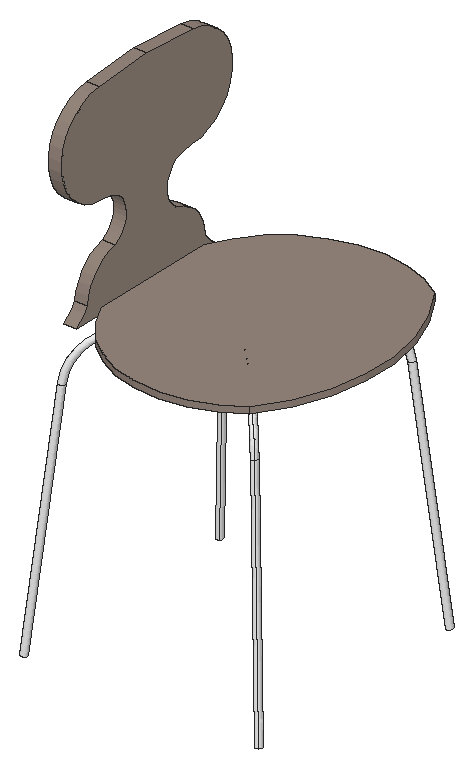
Revit family "Chair 3", category Furniture, Revit 2025
Family settings
  Work Plane-Based = No
  Enable Cutting in Views = No
  Always vertical = Yes
  Cut with Voids When Loaded = No
  Render Appearance Source = Family Geometry
  Shared = No
  Room Calculation Point = No
Parameters (values of type "Type 3A")
  Type Comments = "L"
  Keynote = "F"
  Manufacturer = ""
  Default Elevation = 0 mm
  Bracket Material = Herman Miller - Finish 47 Trivalent Chrome
  Model = ""
  Cushion/Chair Back Material = Herman Miller - Veneer Z5 Maple
  BG_DIM_Width1 [instance] = 1800 mm
  BG_DIM_Height1 [instance] = 1200 mm
  BG_DIM_Depth1 [instance] = 600 mm
  Assembly Code = "Ase3"
Types (3, lengths in mm): name | Type Comments | Keynote | BG_DIM_Width1 | BG_DIM_Height1 | BG_DIM_Depth1 | Assembly Code
  (no name) | "K" | "E" | 1800 | 1200 | 600 | "Ase2"
  Type 3A | "L" | "F" | 1800 | 1200 | 600 | "Ase3"
  Type 3B | "K" | "E" | 1700 | 1100 | 500 | "Ase2"
Reference planes
  plane 1 "Center F/B": y = -198.997
  plane 2: z = 0
  plane 3 "Center L/R": x = -1.022
Forms (mm)
  Sweep 1, solid, material "Herman Miller - Finish 47 Trivalent Chrome" <- "Bracket Material"
    path origin (61.052, -65.204, 45) x (0, 0, -1) y (0.707107, -0.707107, 0)
      loop
        line (45, -82.843) -> (-332.364, -36.508)
        arc (-332.364, -36.508) -> (-382.531, -10.114) -> (-402.615, 42.895) r 80
        line (-402.615, 42.895) -> (-402.615, 181.322)
    profile origin (18.855, -23.007, 188.682) x (-0.701836, 0.701836, 0.121869) y (-0.707107, -0.707107, 0)
      loop
        circle (0, 0) r 5
  Sweep 2, solid, material "Herman Miller - Finish 47 Trivalent Chrome" <- "Bracket Material"
    path origin (57.516, -325.168, 45) x (0, 0, -1) y (0.707107, 0.707107, 0)
      loop
        line (45, -82.843) -> (-332.364, -36.508)
        arc (-332.364, -36.508) -> (-382.531, -10.114) -> (-402.615, 42.895) r 80
        line (-402.615, 42.895) -> (-402.615, 181.322)
    profile origin (15.319, -367.364, 188.682) x (-0.701836, -0.701836, 0.121869) y (0.707107, -0.707107, 0)
      loop
        circle (0, 0) r 5
  Sweep 3, solid, material "Herman Miller - Finish 47 Trivalent Chrome" <- "Bracket Material"
    path origin (303.338, -65.204, 45) x (0, 0, -1) y (0.707107, 0.707107, 0)
      loop
        line (45, 82.843) -> (-332.364, 36.508)
        arc (-332.364, 36.508) -> (-382.531, 10.114) -> (-402.615, -42.895) r 80
        line (-402.615, -42.895) -> (-402.615, -181.322)
    profile origin (345.535, -23.007, 188.682) x (0.701836, 0.701836, 0.121869) y (-0.707107, 0.707107, 0)
      loop
        circle (0, 0) r 5
  Sweep 4, solid, material "Herman Miller - Finish 47 Trivalent Chrome" <- "Bracket Material"
    path origin (306.873, -325.168, 45) x (0, 0, -1) y (0.707107, -0.707107, 0)
      loop
        line (45, 82.843) -> (-332.364, 36.508)
        arc (-332.364, 36.508) -> (-382.531, 10.114) -> (-402.615, -42.895) r 80
        line (-402.615, -42.895) -> (-402.615, -181.322)
    profile origin (349.07, -367.364, 188.682) x (0.701836, -0.701836, 0.121869) y (0.707107, 0.707107, 0)
      loop
        circle (0, 0) r 5
  Extrusion 5, solid, material "Herman Miller - Veneer Z5 Maple" <- "Cushion/Chair Back Material"
    sketch origin (0, 0, 0) x (1, 0, 0) y (0, 1, 0)
      loop
        arc (340, -9.099) -> (152.776, 17.913) -> (32.728, -128.274) r 192.616
        line (32.728, -128.274) -> (32.728, -249.923)
        arc (32.728, -249.923) -> (152.776, -396.11) -> (340, -369.099) r 192.616
        arc (340, -369.099) -> (400.673, -189.099) -> (340, -9.099) r 297.34
    from 450 to 460
  Extrusion 6, solid, material "Herman Miller - Veneer Z5 Maple" <- "Cushion/Chair Back Material"
    sketch origin (390, -409.099, -27.081) x (0, 0, -1) y (0, 1, 0)
      loop
        arc (-498.809, 95.839) -> (-486.21, 86.065) -> (-477.081, 72.99) r 53.087
        line (-477.081, 72.99) -> (-477.081, 347.212)
        arc (-477.081, 347.212) -> (-486.21, 334.138) -> (-498.809, 324.364) r 53.087
        arc (-498.809, 324.364) -> (-539.073, 308.301) -> (-561.143, 270.989) r 67.175
        arc (-561.143, 270.989) -> (-601.737, 249.17) -> (-634.197, 281.887) r 38.521
        line (-634.197, 281.887) -> (-636.604, 298.938)
        arc (-636.604, 298.938) -> (-714.694, 376.726) -> (-796.127, 302.444) r 79.872
        line (-796.127, 302.444) -> (-802.584, 210.101) -> (-796.127, 117.759)
        arc (-796.127, 117.759) -> (-714.694, 43.477) -> (-636.604, 121.265) r 79.872
        line (-636.604, 121.265) -> (-634.197, 138.316)
        arc (-634.197, 138.316) -> (-601.737, 171.033) -> (-561.143, 149.213) r 38.521
        arc (-561.143, 149.213) -> (-539.073, 111.901) -> (-498.809, 95.839) r 67.175
    from -367.272 to -347.272
Dimensions and locks
  aligned and locked: plane 1 "Center F/B" to Extrusion 6
